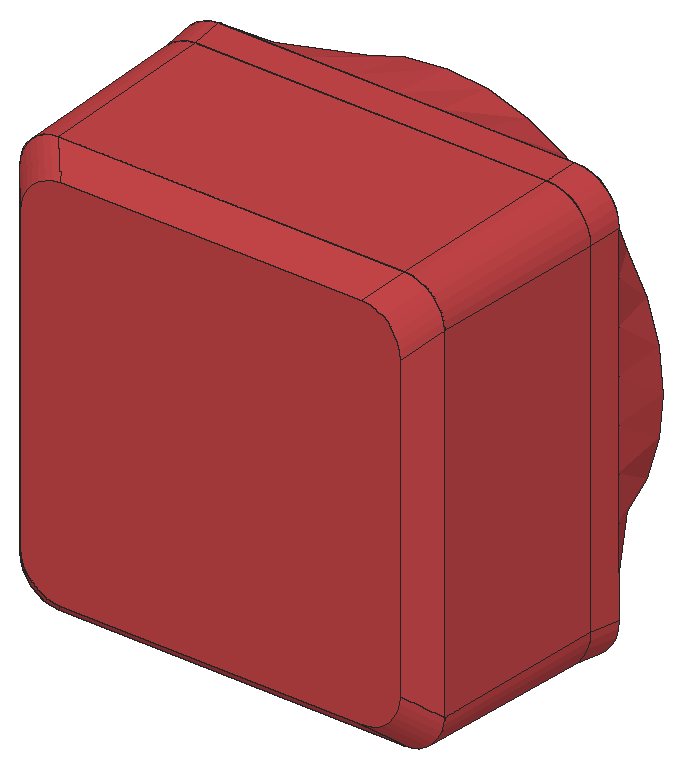
Revit family "IQ8Alarm", category Fire Alarm Devices, Revit 2014
Parameters (values of type "IQ8Alarm/F signaler with isolator Red flash")
  type of detector = "99"
  r1 = 50 mm  # constant formula
  o6 = 15 mm
  o5 = 1.2 mm
  o4 = 0 mm
  o3 = 0.7 mm
  o2 = 1.9 mm
  o1 = 7.6 mm
  material = Red
  l3 = l2 / 2  # 20 mm
  l2 = 40 mm
  l1 = 112 mm
  h1 = 112 mm
  distance to the wall [instance] = 0 mm
  distance symbol from center [instance] = 0 mm
  content_version = "1.0"
  content_date_modified = "16.06.2015"
  content_date_creation = "16.06.2015"  # constant formula
  b5 = 6.727 mm
  b4 = 45 mm
  b3 = 60 mm
  b2 = 75 mm
  b1 = 90 mm
  article number = "807214"
  URL = "https://www.esser-systems.com/en/produkte/details/alarm-devices/intelligent-addressable-iq8alarm/807214-iq8alarmf-signaler-with-isolator-red-flash.html"
  Symbol select = Honeywell_Akustische und optischer signalgeber : Akustischer und optischer signalgeber SA
  Model = "IQ8Alarm/F signaler with isolator, red flash"
  Manufacturer = "Esser by Honeywell"  # constant formula
  GTIN = ""
  GLN = ""
Types (6, lengths in mm): name | material | b4 | b3 | b2 | b1 | article number | URL | Symbol select | Model
  IQ8Alarm/So signaler with isolator Red | Red | 12 | 25 | 60 | 75 | "807206" | "https://www.esser-systems.com/nl/producten/details/signaalgevers-en-indicatoren/iq8alarm-signaalgevers/807206-alarmsirene-iq8alarm-rood.html" | Honeywell_Akustische signalgeber : Akustischer signalgeber SA | "IQ8Alarm/So signaler with isolator, red"
  IQ8Alarm/So signaler with isolator White | White | 12 | 25 | 60 | 75 | "807205" | "https://www.esser-systems.com/en/produkte/details/alarm-devices/intelligent-addressable-iq8alarm/807205-iq8alarmso-signaler-with-isolator-white.html" | Honeywell_Akustische signalgeber : Akustischer signalgeber SA | "IQ8Alarm/So signaler with isolator, white"
  IQ8Alarm/F signaler with isolator Red flash | Red | 45 | 60 | 75 | 90 | "807214" | "https://www.esser-systems.com/en/produkte/details/alarm-devices/intelligent-addressable-iq8alarm/807214-iq8alarmf-signaler-with-isolator-red-flash.html" | Honeywell_Akustische und optischer signalgeber : Akustischer und optischer signalgeber SA | "IQ8Alarm/F signaler with isolator, red flash"
  IQ8Alarm/FSp signaler with isolator Red | Red | 12 | 25 | 60 | 75 | "807372" | "https://www.esser-systems.com/en/produkte/details/alarm-devices/intelligent-addressable-iq8alarm/807372-iq8alarmfsp-signaler-with-isolator-red.html" | Honeywell_Akustische signalgeber : Akustischer signalgeber SA | "IQ8Alarm/FSp signaler with isolator, red"
  IQ8Alarm/FSo signaler with isolator Red | Red | 12 | 25 | 60 | 75 | "807224" | "https://www.esser-systems.com/en/produkte/details/alarm-devices/intelligent-addressable-iq8alarm/807224-iq8alarmfso-signaler-with-isolator-red.html" | Honeywell_Akustische signalgeber : Akustischer signalgeber SA | "IQ8Alarm/FSo signaler with isolator, red"
  IQ8Alarm/Sp signaler with isolator Red | Red | 12 | 25 | 60 | 75 | "807332" | "https://www.esser-systems.com/en/produkte/details/alarm-devices/intelligent-addressable-iq8alarm/807332-iq8alarmsp-signaler-with-isolator-red.html" | Honeywell_Akustische signalgeber : Akustischer signalgeber SA | "IQ8Alarm/Sp signaler with isolator, red"
Reference planes
  plane 1 "Center (Front/Back)": y = 0
  plane 2: z = 0
  plane 3 "Center (Left/Right)": x = 0
  plane 4 "Left": x = 56
  plane 5 "Right": x = -56
  plane 6 "Front": y = 90
  plane 7 "Top": z = 56
  plane 8 "Bottom": z = -56
  plane 9 "Front case": y = 75
  plane 10 "Mid Case": y = 60
  plane 11 "First Ring": y = 6.727
  plane 12 "Second ring": y = 51.727
Forms (mm)
  Revolve 1, solid, material "Red" <- "material"
    sketch origin (0, 149.069, 0) x (0, -1, 0) y (0, 0, 1)
      loop
        arc (109.069, 50) -> (73.714, 35.355) -> (59.069, 0) r 50
        line (59.069, 0) -> (109.069, 0) -> (109.069, 50)
      axis (109.069, 0) -> (59.069, 0)
    angle from 0 to 360
  Blend 2, solid, material "Red" <- "material"
    base sketch origin (0, 0, 0) x (-1, 0, 0) y (0, 0, 1)
      loop
        arc (-38.4, 48.4) -> (-45.471, 45.471) -> (-48.4, 38.4) r 10
        line (-48.4, 38.4) -> (-48.4, -38.4)
        arc (-48.4, -38.4) -> (-45.471, -45.471) -> (-38.4, -48.4) r 10
        line (-38.4, -48.4) -> (38.4, -48.4)
        arc (38.4, -48.4) -> (45.471, -45.471) -> (48.4, -38.4) r 10
        line (48.4, -38.4) -> (48.4, 38.4)
        arc (48.4, 38.4) -> (45.471, 45.471) -> (38.4, 48.4) r 10
        line (38.4, 48.4) -> (-38.4, 48.4)
    top sketch origin (0, 0, 0) x (-1, 0, 0) y (0, 0, 1)
      loop
        arc (-44.1, 54.1) -> (-51.171, 51.171) -> (-54.1, 44.1) r 10
        line (-54.1, 44.1) -> (-54.1, -44.1)
        arc (-54.1, -44.1) -> (-51.171, -51.171) -> (-44.1, -54.1) r 10
        line (-44.1, -54.1) -> (44.1, -54.1)
        arc (44.1, -54.1) -> (51.171, -51.171) -> (54.1, -44.1) r 10
        line (54.1, -44.1) -> (54.1, 44.1)
        arc (54.1, 44.1) -> (51.171, 51.171) -> (44.1, 54.1) r 10
        line (44.1, 54.1) -> (-44.1, 54.1)
    from 0 to 6.727
  Blend 3, solid, material "Red" <- "material"
    base sketch origin (1524, 6.727, 1219.2) x (1, 0, 0) y (0, 0, 1)
      loop
        line (-1479.9, -1165.1) -> (-1568.1, -1165.1)
        arc (-1568.1, -1165.1) -> (-1575.171, -1168.029) -> (-1578.1, -1175.1) r 10
        line (-1578.1, -1175.1) -> (-1578.1, -1263.3)
        arc (-1578.1, -1263.3) -> (-1575.171, -1270.371) -> (-1568.1, -1273.3) r 10
        line (-1568.1, -1273.3) -> (-1479.9, -1273.3)
        arc (-1479.9, -1273.3) -> (-1472.829, -1270.371) -> (-1469.9, -1263.3) r 10
        line (-1469.9, -1263.3) -> (-1469.9, -1175.1)
        arc (-1469.9, -1175.1) -> (-1472.829, -1168.029) -> (-1479.9, -1165.1) r 10
    top sketch origin (1524, 6.727, 1219.2) x (1, 0, 0) y (0, 0, 1)
      loop
        line (-1479.9, -1163.9) -> (-1569.3, -1163.9)
        arc (-1569.3, -1163.9) -> (-1576.371, -1166.829) -> (-1579.3, -1173.9) r 10
        line (-1579.3, -1173.9) -> (-1579.3, -1264.5)
        arc (-1579.3, -1264.5) -> (-1576.371, -1271.571) -> (-1569.3, -1274.5) r 10
        line (-1569.3, -1274.5) -> (-1479.9, -1274.5)
        arc (-1479.9, -1274.5) -> (-1471.98, -1271.22) -> (-1468.7, -1263.3) r 11.2
        line (-1468.7, -1263.3) -> (-1468.7, -1175.1)
        arc (-1468.7, -1175.1) -> (-1471.98, -1167.18) -> (-1479.9, -1163.9) r 11.2
    from 0 to -45
  Blend 4, solid, material "Red" <- "material"
    base sketch origin (1524, 51.727, 1219.2) x (1, 0, 0) y (0, 0, 1)
      loop
        line (-1579.3, -1173.9) -> (-1579.3, -1264.5)
        arc (-1579.3, -1264.5) -> (-1576.371, -1271.571) -> (-1569.3, -1274.5) r 10
        line (-1569.3, -1274.5) -> (-1479.9, -1274.5)
        arc (-1479.9, -1274.5) -> (-1471.98, -1271.22) -> (-1468.7, -1263.3) r 11.2
        line (-1468.7, -1263.3) -> (-1468.7, -1175.1)
        arc (-1468.7, -1175.1) -> (-1471.98, -1167.18) -> (-1479.9, -1163.9) r 11.2
        line (-1479.9, -1163.9) -> (-1569.3, -1163.9)
        arc (-1569.3, -1163.9) -> (-1576.371, -1166.829) -> (-1579.3, -1173.9) r 10
    top sketch origin (1524, 51.727, 1219.2) x (1, 0, 0) y (0, 0, 1)
      loop
        arc (-1570, -1163.2) -> (-1577.071, -1166.129) -> (-1580, -1173.2) r 10
        line (-1580, -1173.2) -> (-1580, -1265.2)
        arc (-1580, -1265.2) -> (-1577.071, -1272.271) -> (-1570, -1275.2) r 10
        line (-1570, -1275.2) -> (-1479.2, -1275.2)
        arc (-1479.2, -1275.2) -> (-1471.28, -1271.92) -> (-1468, -1264) r 11.2
        line (-1468, -1264) -> (-1468, -1174.4)
        arc (-1468, -1174.4) -> (-1471.28, -1166.48) -> (-1479.2, -1163.2) r 11.2
        line (-1479.2, -1163.2) -> (-1570, -1163.2)
    from 0 to -8.273
  Blend 5, solid, material "Red" <- "material"
    base sketch origin (1524, 60, 1219.2) x (1, 0, 0) y (0, 0, 1)
      loop
        arc (-1468, -1174.4) -> (-1471.28, -1166.48) -> (-1479.2, -1163.2) r 11.2
        line (-1479.2, -1163.2) -> (-1570, -1163.2)
        arc (-1570, -1163.2) -> (-1577.071, -1166.129) -> (-1580, -1173.2) r 10
        line (-1580, -1173.2) -> (-1580, -1265.2)
        arc (-1580, -1265.2) -> (-1577.071, -1272.271) -> (-1570, -1275.2) r 10
        line (-1570, -1275.2) -> (-1479.2, -1275.2)
        arc (-1479.2, -1275.2) -> (-1471.28, -1271.92) -> (-1468, -1264) r 11.2
        line (-1468, -1264) -> (-1468, -1174.4)
    top sketch origin (1524, 60, 1219.2) x (1, 0, 0) y (0, 0, 1)
      loop
        line (-1562.184, -1179.885) -> (-1563.315, -1181.016)
        arc (-1563.315, -1181.016) -> (-1579.131, -1219.2) -> (-1563.315, -1257.384) r 54
        line (-1563.315, -1257.384) -> (-1562.184, -1258.515)
        arc (-1562.184, -1258.515) -> (-1524, -1274.331) -> (-1485.816, -1258.515) r 54
        line (-1485.816, -1258.515) -> (-1484.685, -1257.384)
        arc (-1484.685, -1257.384) -> (-1468.869, -1219.2) -> (-1484.685, -1181.016) r 54
        line (-1484.685, -1181.016) -> (-1485.816, -1179.885)
        arc (-1485.816, -1179.885) -> (-1524, -1164.069) -> (-1562.184, -1179.885) r 54
    from 0 to -15
  Blend 6, void
    base sketch origin (1524, 75, 1219.2) x (-1, 0, 0) y (0, 0, 1)
      loop
        arc (1523.2, -1166.9) -> (1486.784, -1181.984) -> (1471.7, -1218.4) r 51.5
        line (1471.7, -1218.4) -> (1471.7, -1220)
        arc (1471.7, -1220) -> (1486.784, -1256.416) -> (1523.2, -1271.5) r 51.5
        line (1523.2, -1271.5) -> (1524.8, -1271.5)
        arc (1524.8, -1271.5) -> (1561.216, -1256.416) -> (1576.3, -1220) r 51.5
        line (1576.3, -1220) -> (1576.3, -1218.4)
        arc (1576.3, -1218.4) -> (1561.216, -1181.984) -> (1524.8, -1166.9) r 51.5
        line (1524.8, -1166.9) -> (1523.2, -1166.9)
    top sketch origin (1524, 75, 1219.2) x (-1, 0, 0) y (0, 0, 1)
      loop
        arc (1522.784, -1181.984) -> (1497.328, -1192.528) -> (1486.784, -1217.984) r 36
        line (1486.784, -1217.984) -> (1486.784, -1220.416)
        arc (1486.784, -1220.416) -> (1497.328, -1245.872) -> (1522.784, -1256.416) r 36
        line (1522.784, -1256.416) -> (1525.216, -1256.416)
        arc (1525.216, -1256.416) -> (1550.672, -1245.872) -> (1561.216, -1220.416) r 36
        line (1561.216, -1220.416) -> (1561.216, -1217.984)
        arc (1561.216, -1217.984) -> (1550.672, -1192.528) -> (1525.216, -1181.984) r 36
        line (1525.216, -1181.984) -> (1522.784, -1181.984)
    from 0 to -15
Cuts and joins
  joined: Revolve 1, Blend 4
  Blend 6 cuts Blend 5
Dimensions and locks
  equal spacing: plane 4 "Left", plane 3 "Center (Left/Right)", plane 5 "Right"
  "b1": plane 1 "Center (Front/Back)" to plane 6 "Front"
  "l1": plane 4 "Left" to plane 5 "Right"
  locked: plane 2 to level
  equal spacing: plane 7 "Top", level, plane 8 "Bottom"
  "h1": plane 7 "Top" to plane 8 "Bottom"
  "b3": plane 1 "Center (Front/Back)" to plane 10 "Mid Case"
  "b2": plane 1 "Center (Front/Back)" to plane 9 "Front case"
  "o1": Blend 2 sketch curve to plane 4 "Left"
  "o1": Blend 2 sketch curve to plane 5 "Right"
  "o1": plane 7 "Top" to Blend 2 sketch curve
  "o1": Blend 2 sketch curve to plane 8 "Bottom"
  "o2": plane 7 "Top" to Blend 2 sketch curve
  "o2": Blend 2 sketch curve to plane 5 "Right"
  "o2": Blend 2 sketch curve to plane 8 "Bottom"
  "o2": Blend 2 sketch curve to plane 4 "Left"
  "b5": plane 11 "First Ring" to plane 1 "Center (Front/Back)"
  "o3": plane 4 "Left" to Blend 3 sketch curve
  "o3": plane 7 "Top" to Blend 3 sketch curve
  "o3": plane 5 "Right" to Blend 3 sketch curve
  "o3": Blend 3 sketch curve to plane 8 "Bottom"
  "b4": plane 12 "Second ring" to plane 11 "First Ring"
  "o4": plane 7 "Top" to Blend 4 sketch curve
  "o4": plane 5 "Right" to Blend 4 sketch curve
  "o4": Blend 4 sketch curve to plane 8 "Bottom"
  "o4": plane 4 "Left" to Blend 4 sketch curve
  "r1": Revolve 1 sketch curve to plane 6 "Front"
  "r1": radius of Revolve 1 sketch curve
  aligned and locked: plane 11 "First Ring" to Blend 2
  aligned and locked: Blend 3 sketch curve to Blend 2  (x3)
  aligned and locked: plane 12 "Second ring" to Blend 3
  aligned and locked: Blend 4 sketch curve to Blend 3  (x3)
  aligned and locked: plane 10 "Mid Case" to Blend 4
  aligned and locked: Blend 5 sketch curve to Blend 4  (x3)
  aligned and locked: plane 9 "Front case" to Blend 5
  aligned and locked: Revolve 1 sketch curve to plane 2
  aligned and locked: Blend 6 to plane 10 "Mid Case"
Automatic sketch dimensions
  Revolve 1 sketch curve to level = 0 mm
  Revolve 1 sketch curve to plane 1 "Center (Front/Back)" = 0 mm
  Revolve 1 sketch curve to plane 6 "Front" = 44.069 mm
  Blend 2 sketch curve to Blend 2 sketch curve = 10 mm  (x5)
  plane 4 "Left" to Blend 2 sketch curve = 11.9 mm
  plane 5 "Right" to Blend 2 sketch curve = 11.9 mm  (x2)
  Blend 3 sketch curve to Blend 3 sketch curve = 10 mm  (x2)
  plane 5 "Right" to Blend 3 sketch curve = 10.7 mm
  plane 4 "Left" to Blend 3 sketch curve = 11.9 mm
  Blend 3 sketch curve to Blend 3 sketch curve = 11.2 mm
  Blend 4 sketch curve to Blend 4 sketch curve = 10 mm
  plane 5 "Right" to Blend 4 sketch curve = 10 mm  (x2)
  plane 4 "Left" to Blend 4 sketch curve = 11.2 mm  (x2)
  plane 5 "Right" to Blend 5 sketch curve = 10 mm
  Blend 5 sketch curve to level = 0 mm  (x2)
  plane 3 "Center (Left/Right)" to Blend 5 sketch curve = 0 mm  (x2)
  plane 3 "Center (Left/Right)" to Blend 5 sketch curve = 1.131 mm
  plane 5 "Right" to Blend 5 sketch curve = 17.816 mm  (x2)
  Blend 5 sketch curve to Blend 5 sketch curve = 1.131 mm  (x6)
  Blend 5 sketch curve to plane 3 "Center (Left/Right)" = 1.131 mm
  plane 4 "Left" to Blend 5 sketch curve = 17.816 mm  (x2)
  Blend 5 sketch curve to level = 1.131 mm
  plane 8 "Bottom" to Blend 5 sketch curve = 17.816 mm  (x2)
  level to Blend 5 sketch curve = 1.131 mm
  Blend 6 sketch curve to level = 0.8 mm  (x2)
  plane 4 "Left" to Blend 6 sketch curve = 3.7 mm
  Blend 6 sketch curve to plane 3 "Center (Left/Right)" = 0.8 mm  (x2)
  plane 3 "Center (Left/Right)" to Blend 6 sketch curve = 0.8 mm  (x2)
  level to Blend 6 sketch curve = 0.8 mm
  Blend 6 sketch curve to level = 1.216 mm  (x2)
  plane 4 "Left" to Blend 6 sketch curve = 18.784 mm
  Blend 6 sketch curve to plane 3 "Center (Left/Right)" = 1.216 mm  (x2)
  plane 3 "Center (Left/Right)" to Blend 6 sketch curve = 1.216 mm  (x2)
  level to Blend 6 sketch curve = 1.216 mm
Nested families
  nested 1: "Honeywell_Akustische und optischer signalgeber" at (0, 0, 0), type <- "Symbol select", distance to the wall <- "distance to the wall", distance symbol from center <- "distance symbol from center", type of detector <- "type of detector", type "Akustischer und optischer signalgeber SA"
    with type of detector "99", distance to the wall 0 mm, distance symbol from center 0 mm, atdm 0 mm, afst mid plus 0 mm, afst mid min 0 mm
Connectors
  electrical at (0, 0, 0)
    settings: on Blend 2, index 1, voltage 0 V, apparent load 0 VA, apparent load phase1 0 VA, apparent load phase2 0 VA, apparent load phase3 0 VA, power factor 1, load classification "Other", number of poles 1, system type 11, power factor state 1, is connector primary yes, connector utility no, sub classification motor no, connector description ""
Definition of nested family "Honeywell_Akustische und optischer signalgeber"
  Parameters (values of type "Akustischer und optischer signalgeber SA")
    type of detector [instance] = "99"
    content_version = "1.0"  # constant formula
    content_modified_date = "26-06-2015"  # constant formula
    content_creation_date = "26-06-2015"  # constant formula
    atdm [instance] = if(distance to the wall < 0 mm, -1 * distance to the wall, distance to the wall)  # 0 mm
    distance to the wall [instance] = 0 mm
    distance symbol from center [instance] = 0 mm
    afst mid plus [instance] = if(distance symbol from center > 0 mm, distance symbol from center, 0 mm)  # 0 mm
    afst mid min [instance] = if(distance symbol from center < 0 mm, -1 * distance symbol from center, 0 mm)  # 0 mm
    Description = "Akustische und optischer signalgeber"  # constant formula
    Copyright © Cadac = "www.cadac.com/aec"
  Reference planes
    plane 1: y = 0
    plane 2: x = 0
  Lines and regions (mm)
    reference lines, not visible
      curve 1: line (0, 8.982, 0) -> (0, -8.267, 0)
      curve 2: line (0, -8.267, 0) -> (0, 9, 0)
      curve 3: line (-13, 0, 0) -> (13.702, 0, 0)
    detail lines, style "Security Devices_Fire Safety Devices"
      curve 4: line (-2.5, 0, 0) -> (-2.5, 5, 0)
      curve 5: line (-2.5, 5, 0) -> (2.5, 5, 0)
      curve 6: line (2.5, 5, 0) -> (2.5, 0, 0)
      curve 7: line (2.5, 0, 0) -> (-2.5, 0, 0)
    detail lines, style "Security Devices_Fire Safety Devices", not visible
      curve 8: line (-2.5, 2.5, 0) -> (-2.3, 2.5, 0)
      curve 9: line (0, 0, 0) -> (0, 0.2, 0)
      curve 10: line (-48.41, 30.76, 0) -> (-48.41, 35.76, 0)
      curve 11: line (-48.41, 35.76, 0) -> (-43.41, 35.76, 0)
      curve 12: line (-43.41, 35.76, 0) -> (-43.41, 30.76, 0)
      curve 13: line (-43.41, 30.76, 0) -> (-48.41, 30.76, 0)
      curve 14: line (-48.41, 33.26, 0) -> (-48.21, 33.26, 0)
      curve 15: line (-45.91, 30.76, 0) -> (-45.91, 30.96, 0)
    detail lines
      curve 16: line (-1.456, 1.432, 0) -> (-1.456, 3.568, 0)
      curve 17: line (-1.456, 3.568, 0) -> (0.544, 3.568, 0)
      curve 18: line (0.544, 3.568, 0) -> (1.544, 4.567, 0)
      curve 19: line (1.544, 4.567, 0) -> (1.544, 0.433, 0)
      curve 20: line (-1.456, 1.432, 0) -> (0.544, 1.432, 0)
      curve 21: line (0.544, 1.432, 0) -> (1.544, 0.433, 0)
      curve 28: line (3.5, 0.4, 0) -> (6.717, 0.4, 0)
      curve 29: line (6.717, 0.4, 0) -> (5.875, 1.012, 0)
      curve 30: line (5.875, 1.012, 0) -> (5.875, 2.447, 0)
      curve 31: line (3.5, 0.4, 0) -> (4.342, 1.012, 0)
      curve 32: line (4.342, 1.012, 0) -> (4.342, 2.447, 0)
      curve 33: arc (4.342, 2.447, 0) -> (5.109, 3.069, 0) -> (5.875, 2.447, 0) r 0.783
      curve 34: line (3.157, 3.057, 0) -> (3.929, 2.745, 0)
      curve 35: line (4.37, 3.371, 0) -> (3.88, 4.045, 0)
      curve 36: line (7.061, 3.057, 0) -> (6.288, 2.745, 0)
      curve 37: line (5.109, 3.567, 0) -> (5.109, 4.4, 0)
      curve 38: line (5.847, 3.371, 0) -> (6.337, 4.045, 0)
    detail lines, not visible
      curve 22: line (-47.367, 32.193, 0) -> (-47.367, 34.328, 0)
      curve 23: line (-47.367, 34.328, 0) -> (-45.366, 34.328, 0)
      curve 24: line (-45.366, 34.328, 0) -> (-44.367, 35.327, 0)
      curve 25: line (-44.367, 35.327, 0) -> (-44.367, 31.193, 0)
      curve 26: line (-47.367, 32.193, 0) -> (-45.366, 32.193, 0)
      curve 27: line (-45.366, 32.193, 0) -> (-44.367, 31.193, 0)
      curve 39: line (-42.41, 31.16, 0) -> (-39.193, 31.16, 0)
      curve 40: line (-39.193, 31.16, 0) -> (-40.035, 31.772, 0)
      curve 41: line (-40.035, 31.772, 0) -> (-40.035, 33.207, 0)
      curve 42: line (-42.41, 31.16, 0) -> (-41.568, 31.772, 0)
      curve 43: line (-41.568, 31.772, 0) -> (-41.568, 33.207, 0)
      curve 44: arc (-41.568, 33.207, 0) -> (-40.802, 33.83, 0) -> (-40.035, 33.207, 0) r 0.783
      curve 45: line (-42.754, 33.817, 0) -> (-41.981, 33.505, 0)
      curve 46: line (-41.54, 34.132, 0) -> (-42.03, 34.806, 0)
      curve 47: line (-38.85, 33.817, 0) -> (-39.622, 33.505, 0)
      curve 48: line (-40.802, 34.327, 0) -> (-40.802, 35.16, 0)
      curve 49: line (-40.063, 34.132, 0) -> (-39.574, 34.806, 0)
  Text (mm)
    text "Cadac Group AEC" at (-305.182, -0.685, 0), not visible
    label "99" at (-1.311, 2.414, 0), shows "type of detector"
    label "99" at (-47.221, 33.174, 0), shows "type of detector", not visible
  Dimensions and locks
    "atdm": plane 1 to curve 3
    "afst mid plus": curve 1 to curve 2
    "afst mid min": plane 2 to curve 2
    locked: curve 3 to curve 8 at 2.5
    aligned and locked: curve 9 to curve 1
  Automatic sketch dimensions
    curve 3 to plane 2 = 13 mm
    plane 2 to curve 3 = 13.702 mm
    plane 1 to curve 2 = 8.267 mm
    curve 1 to curve 2 = 0 mm
    curve 1 to plane 1 = 8.982 mm
    curve 1 to curve 2 = 0.018 mm
    curve 8 to curve 16 = 1.044 mm
    curve 16 to curve 21 = 2 mm
    curve 16 to curve 17 = 2 mm
    curve 20 to curve 21 = 1 mm
    curve 19 to curve 6 = 0.956 mm
    curve 6 to curve 31 = 1 mm
    curve 28 to curve 32 = 0.842 mm
    curve 32 to curve 33 = 0.767 mm
    curve 33 to curve 30 = 0.767 mm
    curve 29 to curve 29 = 0.842 mm
    curve 6 to curve 29 = 0.4 mm
    curve 6 to curve 19 = 0.433 mm
    curve 28 to curve 31 = 0.612 mm
    curve 28 to curve 30 = 0.612 mm
    curve 4 to curve 20 = 1.432 mm
    curve 29 to curve 33 = 1.274 mm
    curve 33 to curve 32 = 0.16 mm
    curve 16 to curve 17 = 2.135 mm
    curve 17 to curve 19 = 1 mm
    curve 18 to curve 6 = 0.433 mm
    curve 8 to curve 8 = 0.2 mm
    curve 9 to curve 20 = 0.544 mm
    curve 34 to curve 33 = 1.185 mm
    curve 34 to curve 35 = 0.724 mm
    curve 34 to curve 33 = 0.413 mm
    curve 34 to curve 35 = 0.441 mm
    curve 35 to curve 37 = 0.739 mm
    curve 37 to curve 38 = 0.739 mm
    curve 33 to curve 36 = 0.413 mm
    curve 38 to curve 38 = 0.49 mm
    curve 36 to curve 36 = 0.772 mm
    curve 9 to curve 9 = 0.2 mm
    curve 16 to curve 8 = 1.068 mm
    curve 33 to curve 34 = 0.298 mm
    curve 33 to curve 36 = 0.298 mm
    curve 34 to curve 34 = 0.312 mm
    curve 36 to curve 36 = 0.312 mm
    curve 34 to curve 35 = 0.627 mm
    curve 36 to curve 38 = 0.627 mm
    curve 38 to curve 37 = 0.196 mm
    curve 35 to curve 35 = 0.674 mm
    curve 38 to curve 38 = 0.674 mm
    curve 37 to curve 37 = 0.833 mm
    curve 14 to curve 22 = 1.044 mm
    curve 22 to curve 27 = 2 mm
    curve 22 to curve 23 = 2 mm
    curve 26 to curve 27 = 1 mm
    curve 25 to curve 12 = 0.956 mm
    curve 12 to curve 42 = 1 mm
    curve 39 to curve 43 = 0.842 mm
    curve 43 to curve 44 = 0.767 mm
    curve 44 to curve 41 = 0.767 mm
    curve 40 to curve 40 = 0.842 mm
    curve 12 to curve 40 = 0.4 mm
    curve 12 to curve 25 = 0.433 mm
    curve 39 to curve 42 = 0.612 mm
    curve 39 to curve 41 = 0.612 mm
    curve 10 to curve 26 = 1.432 mm
    curve 40 to curve 44 = 1.274 mm
    curve 44 to curve 43 = 0.16 mm
    curve 22 to curve 23 = 2.135 mm
    curve 23 to curve 25 = 1 mm
    curve 24 to curve 12 = 0.433 mm
    curve 14 to curve 14 = 0.2 mm
    curve 15 to curve 26 = 0.544 mm
    curve 45 to curve 44 = 1.185 mm
    curve 45 to curve 46 = 0.724 mm
    curve 45 to curve 44 = 0.413 mm
    curve 45 to curve 46 = 0.441 mm
    curve 46 to curve 48 = 0.739 mm
    curve 48 to curve 49 = 0.739 mm
    curve 44 to curve 47 = 0.413 mm
    curve 49 to curve 49 = 0.49 mm
    curve 47 to curve 47 = 0.772 mm
    curve 15 to curve 15 = 0.2 mm
    curve 22 to curve 14 = 1.068 mm
    curve 44 to curve 45 = 0.298 mm
    curve 44 to curve 47 = 0.298 mm
    curve 45 to curve 45 = 0.312 mm
    curve 47 to curve 47 = 0.312 mm
    curve 45 to curve 46 = 0.627 mm
    curve 47 to curve 49 = 0.627 mm
    curve 49 to curve 48 = 0.196 mm
    curve 46 to curve 46 = 0.674 mm
    curve 49 to curve 49 = 0.674 mm
    curve 48 to curve 48 = 0.833 mm
